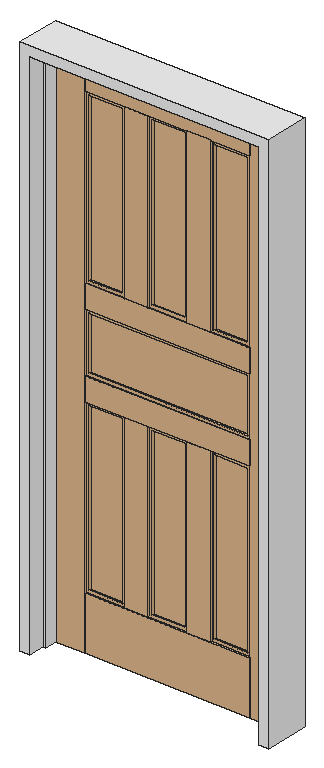
Revit family
Parameters (values of type "1 3/4" Flat Panel")
  URL = "http://www.karonadoor.com"
  Thickness Note = "Do not edit thickness."  # constant formula
  Thickness = 1.774"
  Swing Angle 2D = 90.00°
  SmartBIM Object Version = 1  # constant formula
  SmartBIM Object Created By = "Reed Construction Data"  # constant formula
  Rough Width = 0.000"
  Rough Height = 1.750"
  Panel = Panel_K3070_Karona : 1 3/4" - Flat Panel
  Model = "K3070 Mission"  # constant formula
  Manufacturer = "Karona , Inc."  # constant formula
  Detail Door Thickness = 1.750"
  Assembly Code = ""
  Top Rail Height = 5.000"
  Top Rail = Wood, Cherry - Grain Horizontal
  Stile Width = 5.063"
  Stile = Wood, Cherry - Grain Vertical
  Sticking = Wood, Cherry - Grain Vertical
  Middle Rail = Wood, Cherry - Grain Horizontal
  Height = 84.000"
  Wall Closure = (empty or 0)
  Width = 36.000"
  Frame = Metal
  Bottom Rail Height = 8.500"
  Bottom Rail = Wood, Cherry - Grain Horizontal
  95 CSI = "08210"  # constant formula
  04 CSI = "08 14 33"  # constant formula
Types (9): name | Thickness | Rough Height | Panel | Detail Door Thickness
  1 3/4" Flat Panel | 1.774" | 1.750" | Panel_K3070_Karona : 1 3/4" - Flat Panel | 1.750"
  1 3/8" Flat Panel | 1.334" | 0.000" | Panel_K3070_Karona : 1 3/8" - Flat Panel | 1.375"
  2 1/4" Flat Panel | 2.250" | 0.000" | Panel_K3070_Karona : 2 1/4" - Flat Panel | 2.250"
  1 3/4" Glass Panel | 1.774" | 1.750" | Panel_K3070_Karona : 1 3/4" - Glass Panel | 1.750"
  1 3/8" Glass Panel | 1.334" | 0.000" | Panel_K3070_Karona : 1 3/8" - Glass Panel | 1.375"
  2 1/4" Glass Panel | 2.250" | 0.000" | Panel_K3070_Karona : 2 1/4" - Glass | 2.250"
  1 3/4" Raised Panel | 1.774" | 1.750" | Panel_K3070_Karona : 1 3/4" - Raised Panel | 1.750"
  1 3/8" Raised Panel | 1.334" | 0.000" | Panel_K3070_Karona : 1 3/8" - Raised Panel | 1.375"
  2 1/4" Raised Panel | 2.250" | 0.000" | Panel_K3070_Karona : 2 1/4" - Raised Panel | 2.250"
Reference planes (in)
  plane 1 "Center (Front/Back)": y = 0
  plane 2 "Center (Left/Right)": x = 0
  plane 3 "Left": x = -18
  plane 4 "Right": x = 18
  plane 5 "Top": z = 84
  plane 6 "Exterior Edge of Frame": y = 3.5
  plane 7 "Interior Edge of Frame": y = -3.5
  plane 8: y = 1
  plane 9: y = -1
  plane 10 "Opening Left": x = -19.5
  plane 11 "Opening Right": x = 19.5
  plane 12 "Top of Opening": z = 85.5
  plane 13: x = -17.5
Forms (in)
  Sweep 1, solid, material "Metal" <- "Frame"
    path origin (0, 0, 0) x (1, 0, 0) y (0, 0, 1)
      loop
        line (-19.5, 0) -> (-19.5, 85.5) -> (19.5, 85.5) -> (19.5, 0)
    profile origin (-19.5, 0, 42.75) x (-1, 0, 0) y (0, -1, 0)
      loop
        line (0, -3.5) -> (0, 3.5) -> (-1.5, 3.5) -> (-1.5, 1) -> (-2, 1) -> (-2, -1) -> (-1.5, -1) -> (-1.5, -3.5) -> (0, -3.5)
Lines and regions (in)
  Opening 1
    outline origin (-90, -3, 0) x (1, 0, 0) y (0, 0, 1)
      loop
        line (70.5, 0) -> (109.5, 0) -> (109.5, 85.5) -> (70.5, 85.5) -> (70.5, 0)
  symbolic lines, style "Elevation Swing"
    curve 1: line (18, 3, 0) -> (-18, 3, 42)
    curve 2: line (-18, 3, 42) -> (18, 3, 84)
Text (in)
  text "Exterior" at (-46.13199, 20.20143, 0), in view "Ref. Level"
  text "Interior" at (-46.13199, -10.56751, 0), in view "Ref. Level"
  text "Exterior" at (0, 40.15149, 123.01588), in view "Right"
  text "Interior" at (0, -64.39139, 123.01588), in view "Right"
  text "Interior" at (0, -31.01599, 123.00693), in view "Left"
  text "Exterior" at (0, 54.57065, 123.00693), in view "Left"
Dimensions and locks (in)
  "Height": level to plane 5 "Top"
  "Width": plane 3 "Left" to plane 4 "Right"
  equal spacing: host wall, curve 2, plane 5 "Top"
  locked: host wall to plane 7 "Interior Edge of Frame" at 0.5
  locked: plane 6 "Exterior Edge of Frame" to host wall at 0.5
  locked: plane 9 to plane 7 "Interior Edge of Frame" at 2.5
  locked: plane 6 "Exterior Edge of Frame" to plane 8 at 2.5
  equal spacing: plane 3 "Left", plane 2 "Center (Left/Right)", plane 4 "Right"
  locked: plane 4 "Right" to plane 11 "Opening Right" at 1.5
  locked: plane 5 "Top" to plane 12 "Top of Opening" at 1.5
  locked: plane 3 "Left" to plane 13 at 0.5
  locked: plane 10 "Opening Left" to plane 3 "Left" at 1.5
  aligned and locked: Opening 1 sketch curve to level
  aligned and locked: plane 4 "Right" to curve 1
  aligned and locked: plane 3 "Left" to curve 1
  aligned and locked: plane 5 "Top" to curve 2
  aligned and locked: Opening 1 sketch curve to plane 11 "Opening Right"
  aligned and locked: plane 12 "Top of Opening" to Opening 1 sketch curve
  aligned and locked: Opening 1 sketch curve to plane 10 "Opening Left"
  aligned and locked: plane 10 "Opening Left" to Sweep 1 sketch curve
  aligned and locked: plane 12 "Top of Opening" to Sweep 1 sketch curve
  aligned and locked: plane 11 "Opening Right" to Sweep 1 sketch curve
  aligned and locked: level to Sweep 1 sketch curve  (x2)
  aligned and locked: Sweep 1 sketch curve to plane 10 "Opening Left"
  aligned and locked: Sweep 1 sketch curve to plane 6 "Exterior Edge of Frame"
  aligned and locked: Sweep 1 sketch curve to plane 7 "Interior Edge of Frame"
  aligned and locked: Sweep 1 sketch curve to plane 8
  aligned and locked: Sweep 1 sketch curve to plane 9
  aligned and locked: plane 13 to Sweep 1 sketch curve
  aligned and locked: plane 3 "Left" to Sweep 1 sketch curve  (x2)
  aligned and locked: nested 1 to plane 2 "Center (Left/Right)"
  aligned and locked: nested 1 to plane 8
  aligned and locked: nested 2 to plane 3 "Left"
  aligned and locked: nested 2 to plane 8
Automatic sketch dimensions
  curve 1 to level = 0.000"
  curve 2 to plane 4 "Right" = 0.000"
Nested families (in)
  nested 1: "Panel_K3070_Karona" at (-13.5, 0.6575, 3.25) x (-1, 0, 0) z (0, 0, 1), type <- "Panel", type "1 3/4" - Flat Panel"
    with Bottom Rail Height 8.500", Bottom Panel Height 26.875"
  nested 2: "Door Panel Plan View" at (-31.5, 1, 0) x (-1, 0, 0) z (0, 0, 1), type "Door Panel Plan View"
    with Thickness 1.750", Height 84.000"
Definition of nested family "Panel_K3070_Karona"
  Parameters (values of type "2 1/4" - Raised Panel")
    Width = 36.000"
    Top Rail Material = Wood, Cherry - Grain Horizontal
    Top Rail Height = 5.000"
    Top Panel Offset = Top Rail Height + Half Panel Height  # 18.500"
    Thickness Note = "Do not change door thickness"  # constant formula
    Thickness = 2.250"
    Stile Width = 5.063"
    Stile Material = Wood, Cherry - Grain Vertical
    Sticking Material = Wood, Cherry - Grain Vertical
    Rough Height = 29.875"
    Panel Width = (Width - (2 * Stile Width) - (2 * Mullion Width)) / 3  # 6.208"
    Panel Height = Height - (Top Rail Height + Lock Rail Height + Middle Panel Height + Mullion Width)  # 27.000"
    Panel = Glass-Sticking-Assembly-Mission_Karona : Raised Panel
    Mullion Width = 3.625"  # constant formula
    Middle Panel Width = Width - 2 * Stile Width  # 25.874"
    Middle Panel Height = 9.375"  # constant formula
    Lock Rail Height = 39.000"
    Interior Panel = Wood, Cherry - Grain Vertical
    Height = 84.000"
    Half Panel Width = 0.5 * Panel Width  # 3.104"
    Half Panel Height = 0.5 * Panel Height  # 13.500"
    Exterior Edge - Glass Bottom Offset = if(Thickness = 1.774", 0.567", if(Thickness = 2.250", 0.803", 0.469"))  # 0.803"
    Door Panel Material = Wood, Cherry - Grain Vertical
    Default Elevation = 0.000"  # constant formula
    Cross Rail and Panel Spacing Start = Half Panel Height + 0.5 * (3.625")  # 15.3125"
    Cross Rail Panel Height = Panel Height + 3.625"  # 30.625"
    Bottom Rail Material = Wood, Cherry - Grain Horizontal
    Bottom Rail Height = 8.500"
    Bottom Panel Height = Lock Rail Height - (Bottom Rail Height + Mullion Width)  # 26.875"
    Assembly Code = ""
  Types (9): name | Thickness | Panel | Interior Panel | Exterior Edge - Glass Bottom Offset | Bottom Rail Height | Bottom Panel Height
    2 1/4" - Flat Panel | 2.250" | Glass-Sticking-Assembly-Mission_Karona : Flat Panel | Wood, Cherry - Grain Vertical | 0.803" | 12.000" | 23.375"
    2 1/4" - Glass | 2.250" | Glass-Sticking-Assembly-Mission_Karona : Glass Panel | Glass | 0.803" | 12.000" | 23.375"
    2 1/4" - Raised Panel | 2.250" | Glass-Sticking-Assembly-Mission_Karona : Raised Panel | Wood, Cherry - Grain Vertical | 0.803" | 8.500" | 26.875"
    1 3/4" - Raised Panel | 1.774" | Glass-Sticking-Assembly-Mission_Karona : Raised Panel | Wood, Cherry - Grain Vertical | 0.567" | 12.000" | 23.375"
    1 3/4" - Flat Panel | 1.774" | Glass-Sticking-Assembly-Mission_Karona : Flat Panel | Wood, Cherry - Grain Vertical | 0.567" | 12.000" | 23.375"
    1 3/4" - Glass Panel | 1.774" | Glass-Sticking-Assembly-Mission_Karona : Glass Panel | Glass | 0.567" | 12.000" | 23.375"
    1 3/8" - Raised Panel | 1.334" | Glass-Sticking-Assembly-Mission_Karona : Raised Panel | Wood, Cherry - Grain Vertical | 0.469" | 12.000" | 23.375"
    1 3/8" - Glass Panel | 1.334" | Glass-Sticking-Assembly-Mission_Karona : Glass Panel | Glass | 0.469" | 12.000" | 23.375"
    1 3/8" - Flat Panel | 1.334" | Glass-Sticking-Assembly-Mission_Karona : Flat Panel | Wood, Cherry - Grain Horizontal | 0.469" | 12.000" | 23.375"
  Reference planes (in)
    plane 1 "Center (Front/Back)": y = 1.2315
    plane 2: z = -3.25
    plane 3 "Center (Left/Right)": x = -13.5
    plane 4 "Left": x = -31.5
    plane 5: x = 4.5
    plane 6 "Inner Left": x = -26.437
    plane 7 "Inner Right": x = -0.563
    plane 8: z = 5.25
    plane 9 "Bottom Of Top Rail": z = 75.75
    plane 10 "Top": z = 80.75
    plane 11 "Interior Edge of Door": y = 2.3565
    plane 12: z = 75.75
    plane 13 "Exterior Edge of Door": y = 0.1065
    plane 14 "Bottom of Glass": y = 0.9095
    plane 15 "Left Panel Vertical Midline": x = -23.333
    plane 16 "Right Panel Vertical Midline": x = -3.667
    plane 17 "Center of Left Vertical Mullion": x = -18.4165
    plane 18 "Center of Right Vertical Mullion": x = -8.5835
    plane 19: z = 48.75
    plane 20: z = 32.125
    plane 21: z = 45.125
    plane 22: z = 62.25
    plane 23: z = 18.6875
    plane 24: z = 35.75
    plane 25: z = 36.9375
  Forms (in)
    Extrusion 1, solid, material "Wood, Cherry - Grain Horizontal" <- "Bottom Rail Material"
      sketch origin (0, -101.3125, 0) x (1, 0, 0) y (0, 0, 1)
        loop
          line (-26.437, -3.25) -> (-0.563, -3.25) -> (-0.563, 5.25) -> (-26.437, 5.25) -> (-26.437, -3.25)
      from -103.669 to -101.419
    Extrusion 2, solid, material "Wood, Cherry - Grain Vertical" <- "Stile Material"
      sketch origin (0, 1.2315, 0) x (1, 0, 0) y (0, 0, 1)
        loop
          line (-31.5, 80.75) -> (-31.5, -3.25) -> (-26.437, -3.25) -> (-26.437, 80.75) -> (-31.5, 80.75)
        loop
          line (-0.563, -3.25) -> (4.5, -3.25) -> (4.5, 80.75) -> (-0.563, 80.75) -> (-0.563, -3.25)
      from -1.125 to 1.125
    Extrusion 3, solid, material "Wood, Cherry - Grain Horizontal" <- "Top Rail Material"
      sketch origin (0, 1.2315, 0) x (1, 0, 0) y (0, 0, 1)
        loop
          line (-26.437, 80.75) -> (-26.437, 75.75) -> (-0.563, 75.75) -> (-0.563, 80.75) -> (-26.437, 80.75)
      from -1.125 to 1.125
    Extrusion 4, solid, material "Wood, Cherry - Grain Vertical" <- "Stile Material"
      sketch origin (0, 1.2315, 0) x (1, 0, 0) y (0, 0, 1)
        loop
          line (-20.229, 5.25) -> (-16.604, 5.25) -> (-16.604, 32.125) -> (-20.229, 32.125) -> (-20.229, 5.25)
        loop
          line (-20.229, 75.75) -> (-20.229, 48.75) -> (-16.604, 48.75) -> (-16.604, 75.75) -> (-20.229, 75.75)
        loop
          line (-10.396, 5.25) -> (-6.771, 5.25) -> (-6.771, 32.125) -> (-10.396, 32.125) -> (-10.396, 5.25)
        loop
          line (-10.396, 75.75) -> (-10.396, 48.75) -> (-6.771, 48.75) -> (-6.771, 75.75) -> (-10.396, 75.75)
      from -1.125 to 1.125
    Extrusion 5, solid, material "Wood, Cherry - Grain Horizontal" <- "Top Rail Material"
      sketch origin (0, 1.2315, 0) x (1, 0, 0) y (0, 0, 1)
        loop
          line (-0.563, 32.124) -> (-0.563, 35.75) -> (-26.437, 35.75) -> (-26.437, 32.124) -> (-0.563, 32.124)
        loop
          line (-0.563, 45.125) -> (-0.563, 48.751) -> (-26.437, 48.751) -> (-26.437, 45.125) -> (-0.563, 45.125)
      from -1.125 to 1.125
  Text (in)
    text "EXTERIOR" at (-34.59289, -1.27941, 0), in view "Ref. Level"
    text "EXTERIOR" at (0, -9.65287, 72.76687), in view "Left"
    text "EXTERIOR" at (0, -33.33473, 96.68074), in view "Right"
  Dimensions and locks (in)
    equal spacing: plane 4 "Left", plane 3 "Center (Left/Right)", plane 5
    "Width": plane 4 "Left" to plane 5
    "Stile Width": plane 4 "Left" to plane 6 "Inner Left"
    "Stile Width": plane 5 to plane 7 "Inner Right"
    "Bottom Rail Height": plane 8 to plane 2
    "Top Rail Height": plane 10 "Top" to plane 9 "Bottom Of Top Rail"
    "Height": plane 10 "Top" to plane 2
    equal spacing: plane 11 "Interior Edge of Door", plane 1 "Center (Front/Back)", plane 13 "Exterior Edge of Door"
    "Thickness": plane 11 "Interior Edge of Door" to plane 13 "Exterior Edge of Door"
    "Exterior Edge - Glass Bottom Offset": plane 14 "Bottom of Glass" to plane 13 "Exterior Edge of Door"
    "Exterior Edge - Glass Bottom Offset": plane 13 "Exterior Edge of Door" to plane 14 "Bottom of Glass"
    "Half Panel Width": plane 15 "Left Panel Vertical Midline" to plane 6 "Inner Left"
    "Half Panel Width": plane 7 "Inner Right" to plane 16 "Right Panel Vertical Midline"
    equal spacing: plane 3 "Center (Left/Right)", plane 17 "Center of Left Vertical Mullion", plane 15 "Left Panel Vertical Midline"
    locked: Extrusion 4 sketch curve to plane 17 "Center of Left Vertical Mullion" at 1.8125
    equal spacing: plane 16 "Right Panel Vertical Midline", plane 18 "Center of Right Vertical Mullion", plane 3 "Center (Left/Right)"
    locked: Extrusion 4 sketch curve to plane 18 "Center of Right Vertical Mullion" at 1.8125
    Extrusion 5 sketch curve to Extrusion 5 sketch curve = 3.626"  (x2)
    locked: Extrusion 5 sketch curve to Extrusion 5 sketch curve at 3.626  (x2)
    equal spacing: plane 20, plane 23, plane 8
    equal spacing: plane 12, plane 22, plane 19
    "Mullion Width": plane 24 to plane 20
    "Mullion Width": plane 19 to plane 21
    "Panel Height": plane 12 to plane 19
    plane 19 to level = 52.000"
    "Lock Rail Height": plane 24 to level
    aligned and locked: Extrusion 1 to plane 2
    aligned and locked: plane 11 "Interior Edge of Door" to Extrusion 1
    aligned and locked: plane 4 "Left" to Extrusion 2 sketch curve
    aligned and locked: Extrusion 2 sketch curve to plane 10 "Top"
    aligned and locked: Extrusion 2 sketch curve to Extrusion 1  (x3)
    aligned and locked: Extrusion 1 to Extrusion 2 sketch curve
    aligned and locked: plane 10 "Top" to Extrusion 2 sketch curve
    aligned and locked: plane 5 to Extrusion 2 sketch curve
    aligned and locked: plane 11 "Interior Edge of Door" to Extrusion 2
    aligned and locked: Extrusion 2 to Extrusion 3 sketch curve
    aligned and locked: Extrusion 3 sketch curve to Extrusion 2
    aligned and locked: plane 11 "Interior Edge of Door" to Extrusion 3
    aligned and locked: plane 12 to plane 9 "Bottom Of Top Rail"
    aligned and locked: Extrusion 3 to plane 13 "Exterior Edge of Door"
    aligned and locked: Extrusion 3 to plane 11 "Interior Edge of Door"
    aligned and locked: Extrusion 2 to plane 13 "Exterior Edge of Door"
    aligned and locked: Extrusion 3 to plane 12
    aligned and locked: Extrusion 1 to Extrusion 2
    aligned and locked: nested 1 to plane 1 "Center (Front/Back)"
    aligned and locked: Extrusion 4 sketch curve to plane 12  (x2)
    aligned and locked: Extrusion 4 sketch curve to plane 8  (x2)
    aligned and locked: plane 11 "Interior Edge of Door" to Extrusion 4
    aligned and locked: Extrusion 4 to plane 13 "Exterior Edge of Door"
    aligned and locked: plane 11 "Interior Edge of Door" to Extrusion 5
    aligned and locked: Extrusion 5 to plane 13 "Exterior Edge of Door"
    aligned and locked: plane 15 "Left Panel Vertical Midline" to nested 1
    aligned and locked: nested 2 to plane 8
    aligned and locked: nested 2 to plane 15 "Left Panel Vertical Midline"
    aligned and locked: plane 3 "Center (Left/Right)" to nested 3
    aligned and locked: plane 16 "Right Panel Vertical Midline" to nested 4
    aligned and locked: nested 5 to plane 8
    aligned and locked: plane 3 "Center (Left/Right)" to nested 5
    aligned and locked: nested 6 to plane 8
    aligned and locked: nested 6 to plane 16 "Right Panel Vertical Midline"
    aligned and locked: plane 22 to nested 1
    aligned and locked: plane 22 to nested 3
    aligned and locked: plane 22 to nested 4
    aligned and locked: Extrusion 4 sketch curve to plane 19
    aligned and locked: plane 19 to Extrusion 4 sketch curve
    aligned and locked: Extrusion 4 sketch curve to plane 20  (x2)
    aligned and locked: plane 21 to Extrusion 5
    aligned and locked: plane 3 "Center (Left/Right)" to nested 7
    aligned and locked: Extrusion 5 sketch curve to plane 24
    aligned and locked: level to plane 2
    aligned and locked: nested 7 to plane 24
  Automatic sketch dimensions
    Extrusion 1 sketch curve to plane 6 "Inner Left" = 0.000"
    Extrusion 1 sketch curve to plane 7 "Inner Right" = 0.000"
    Extrusion 1 sketch curve to level = 0.000"
    Extrusion 1 sketch curve to plane 8 = 0.000"
    Extrusion 3 sketch curve to plane 7 "Inner Right" = 0.000"
    plane 9 "Bottom Of Top Rail" to Extrusion 3 sketch curve = 0.000"
    Extrusion 5 sketch curve to plane 6 "Inner Left" = 0.000"  (x2)
    Extrusion 5 sketch curve to plane 7 "Inner Right" = 0.000"  (x2)
    Extrusion 5 sketch curve to Extrusion 5 sketch curve = 9.375"
    Extrusion 4 sketch curve to plane 17 "Center of Left Vertical Mullion" = 1.8125"  (x2)
    plane 17 "Center of Left Vertical Mullion" to Extrusion 4 sketch curve = 1.8125"
    Extrusion 4 sketch curve to plane 18 "Center of Right Vertical Mullion" = 1.8125"  (x2)
    plane 18 "Center of Right Vertical Mullion" to Extrusion 4 sketch curve = 1.8125"
  Nested families (in)
    nested 1: "Glass-Sticking-Assembly-Mission_Karona" at (-23.80175, 1.38, 48.75), Width <- "Panel Width", Height <- "Panel Height", type <- "Panel", type "Raised Panel"
      with Width 6.208", Height 27.000"
    nested 2: "Glass-Sticking-Assembly-Mission_Karona" at (-23.80175, 1.38, 5.25), Width <- "Panel Width", Height <- "Bottom Panel Height", type <- "Panel", type "Raised Panel"
      with Width 6.208", Height 26.875"
    nested 3: "Glass-Sticking-Assembly-Mission_Karona" at (-13.96875, 1.38, 48.75), Width <- "Panel Width", Height <- "Panel Height", type <- "Panel", type "Raised Panel"
      with Width 6.208", Height 27.000"
    nested 4: "Glass-Sticking-Assembly-Mission_Karona" at (-4.13575, 1.38, 48.75), Width <- "Panel Width", Height <- "Panel Height", type <- "Panel", type "Raised Panel"
      with Width 6.208", Height 27.000"
    nested 5: "Glass-Sticking-Assembly-Mission_Karona" at (-13.96875, 1.38, 5.25), Width <- "Panel Width", Height <- "Bottom Panel Height", type <- "Panel", type "Raised Panel"
      with Width 6.208", Height 26.875"
    nested 6: "Glass-Sticking-Assembly-Mission_Karona" at (-4.13575, 1.38, 5.25), Width <- "Panel Width", Height <- "Bottom Panel Height", type <- "Panel", type "Raised Panel"
      with Width 6.208", Height 26.875"
    nested 7: "Glass-Sticking-Assembly-Mission_Karona" at (-13.96875, 1.38, 35.75), Width <- "Middle Panel Width", Height <- "Middle Panel Height", type <- "Panel", type "Raised Panel"
      with Width 25.874", Height 9.375"
  Definition of nested family "Glass-Sticking-Assembly-Mission_Karona"
    Parameters (values of type "Glass Panel")
      Width [instance] = 19.000"
      Stop Adjustment = if(and(not(Glass Panel), Door Thickness = 1.774"), 0.513", if(and(not(Glass Panel), Door Thickness = 2.250"), 0.513", if((Glass Panel), 0.125", 0.273")))  # 0.125"
      Profile = Wood, Cherry - Grain Vertical
      Height [instance] = 23.000"
      Raised Panel = no
      Interior Panel = Wood, Cherry - Grain Vertical
      Glass Panel = yes
      Door Thickness = 2.250"
      C = if(Door Thickness = 1.774", 0.200", if(Door Thickness = 2.250", 0.439", 0.191"))  # 0.439"
      B = if(Door Thickness = 1.774", 0.567", if(Door Thickness = 2.250", 0.803", 0.469"))  # 0.803"
      Assembly Code = ""
      A = if(Door Thickness = 1.774", 0.197", if(Door Thickness = 2.250", 0.433", 0.194"))  # 0.433"
    Types (3): name | Width | Stop Adjustment | Height | Raised Panel | Glass Panel | Door Thickness | C | B | A
      Glass Panel | 19.000" | 0.125" | 23.000" | no | yes | 2.250" | 0.439" | 0.803" | 0.433"
      Flat Panel | 4.500" | 0.273" | 23.000" | no | no | 1.334" | 0.191" | 0.469" | 0.194"
      Raised Panel | 4.000" | 0.513" | 4.000" | yes | no | 2.250" | 0.439" | 0.803" | 0.433"
    Reference planes (in)
      plane 1 "Stop Adjustment Edge": y = -0.3455
      plane 2: z = 0
      plane 3 "Center (Left/Right)": x = 0.46875
      plane 4 "Back": y = 0.9765
      plane 5 "Front": y = -1.2735
      plane 6 "Left": x = -9.03125
      plane 7 "Right": x = 9.96875
      plane 8 "Top": z = 23
      plane 9 "Center (Up/Down)": z = 11.5
      plane 10 "Bottom of Stop": y = -0.2205
      plane 11 "Bottom of Glass": y = -0.4705
      plane 12 "Right Edge of Glass": x = 9.91875
      plane 13 "Left Edge of Glass": x = -8.98125
      plane 14 "Top Edge of Glass": z = 22.90625
      plane 15 "Bottom Edge of Glass": z = 0.09375
      plane 16: x = 9.84375
      plane 17: x = 9.40625
      plane 18 "A": y = -0.8405
      plane 19 "C": y = 0.5375
      plane 20: z = 0.438
      plane 21: z = 22.562
      plane 22: x = -8.59325
      plane 23: x = 9.53075
      plane 24 "Center (Front/Back)": y = -0.1485
    Forms (in)
      Sweep 1, solid, material "Wood, Cherry - Grain Vertical" <- "Profile"
        path origin (0, -0.3455, 0) x (1, 0, 0) y (0, 0, 1)
          loop
            line (9.96875, 23) -> (-9.03125, 23) -> (-9.03125, 0) -> (9.96875, 0) -> (9.96875, 23)
        profile origin (9.96875, -0.3455, 11.5) x (0, -1, 0) y (1, 0, 0)
          loop
            line (-0.883, 0) -> (-0.883, -0.438) -> (-0.125, -0.438) -> (-0.125, -0.05) -> (0.125, -0.05) -> (0.125, -0.438) -> (0.495, -0.438) -> (0.495, 0) -> (-0.883, 0)
      Extrusion 2, solid, material "Wood, Cherry - Grain Vertical" <- "Interior Panel"
        sketch origin (0, 0, 0) x (1, 0, 0) y (0, 1, 0)
          loop
            line (-8.98125, -0.2205) -> (-8.98125, -0.4705) -> (9.91875, -0.4705) -> (9.91875, -0.2205) -> (-8.98125, -0.2205)
        from 0.09375 to 22.90625
      Extrusion 3, solid, material "Wood, Cherry - Grain Vertical" <- "Profile", visible <- "Raised Panel"
        sketch origin (0, 0, 0) x (1, 0, 0) y (0, 1, 0)
          loop
            line (9.53075, 0.5375) -> (-8.59325, 0.5375) -> (-8.59325, -0.2205) -> (9.53075, -0.2205) -> (9.53075, 0.5375)
          loop
            line (-8.59325, -0.4705) -> (-8.59325, -0.8405) -> (9.53075, -0.8405) -> (9.53075, -0.4705) -> (-8.59325, -0.4705)
        from 0.438 to 22.562
      Sweep 4, void
        path origin (0, -0.2205, 0) x (-1, 0, 0) y (0, 0, 1)
          loop
            line (9.03125, 0) -> (9.03125, 23) -> (-9.96875, 23) -> (-9.96875, 0) -> (9.03125, 0)
        profile "Profile : 05" origin (-9.03125, -0.2205, 11.5) x (1, 0, 0) y (0, 1, 0)
          loop
            line (0, 0.05) -> (0.36169, 0.05096)
            arc (0.36169, 0.05096) -> (1.01257, 0.13642) -> (1.61934, 0.387) r 2.52143
            line (1.61934, 0.387) -> (0, 0.387) -> (0, 0.05)
      Sweep 5, void
        path origin (0, -0.4705, 0) x (-1, 0, 0) y (0, 0, 1)
          loop
            line (-9.96875, 23) -> (-9.96875, 0) -> (9.03125, 0) -> (9.03125, 23) -> (-9.96875, 23)
        profile "Profile : 05" origin (9.96875, -0.4705, 11.5) x (-1, 0, 0) y (0, 1, 0)
          loop
            line (0, -0.05) -> (0, -0.387) -> (1.61934, -0.387)
            arc (1.61934, -0.387) -> (1.01257, -0.13642) -> (0.36169, -0.05096) r 2.52143
            line (0.36169, -0.05096) -> (0, -0.05)
    Cuts and joins
      Sweep 4, Sweep 5 cuts Extrusion 3
    Text (in)
      text "INTERIOR" at (-14.3788, 3.49864, 0), in view "Ref. Level"
    Dimensions and locks (in)
      equal spacing: plane 6 "Left", plane 3 "Center (Left/Right)", plane 7 "Right"
      "Width": plane 6 "Left" to plane 7 "Right"
      "Door Thickness": plane 4 "Back" to plane 5 "Front"
      "Height": plane 8 "Top" to plane 2
      equal spacing: plane 8 "Top", plane 9 "Center (Up/Down)", level
      locked: plane 1 "Stop Adjustment Edge" to plane 11 "Bottom of Glass" at 0.125
      "Stop Adjustment": plane 10 "Bottom of Stop" to plane 1 "Stop Adjustment Edge"
      locked: plane 12 "Right Edge of Glass" to plane 7 "Right" at 0.05
      locked: plane 8 "Top" to plane 14 "Top Edge of Glass" at 0.09375
      locked: plane 15 "Bottom Edge of Glass" to level at 0.09375
      locked: plane 6 "Left" to plane 13 "Left Edge of Glass" at 0.05
      "B": plane 5 "Front" to plane 11 "Bottom of Glass"
      locked: plane 16 to plane 7 "Right" at 0.125
      "A": plane 5 "Front" to plane 18 "A"
      "C": plane 19 "C" to plane 4 "Back"
      plane 4 "Back" to Sweep 1 = 1.197"
      locked: plane 20 to level at 0.438
      locked: plane 8 "Top" to plane 21 at 0.438
      locked: plane 6 "Left" to plane 22 at 0.438
      locked: plane 23 to plane 7 "Right" at 0.438
      equal spacing: plane 4 "Back", plane 24 "Center (Front/Back)", plane 5 "Front"
      aligned and locked: Sweep 1 sketch curve to plane 7 "Right"
      aligned and locked: Sweep 1 sketch curve to plane 8 "Top"
      aligned and locked: Sweep 1 sketch curve to plane 6 "Left"
      aligned and locked: Sweep 1 sketch curve to level
      aligned and locked: plane 7 "Right" to Sweep 1 sketch curve
      aligned and locked: plane 10 "Bottom of Stop" to Sweep 1 sketch curve
      aligned and locked: plane 11 "Bottom of Glass" to Sweep 1 sketch curve
      aligned and locked: plane 18 "A" to Sweep 1 sketch curve
      aligned and locked: Sweep 1 sketch curve to plane 19 "C"
      aligned and locked: Extrusion 2 sketch curve to plane 13 "Left Edge of Glass"
      aligned and locked: Extrusion 2 sketch curve to plane 10 "Bottom of Stop"
      aligned and locked: Extrusion 2 sketch curve to plane 11 "Bottom of Glass"
      aligned and locked: Extrusion 2 sketch curve to plane 12 "Right Edge of Glass"
      aligned and locked: plane 14 "Top Edge of Glass" to Extrusion 2
      aligned and locked: Extrusion 2 to plane 15 "Bottom Edge of Glass"
      aligned and locked: Extrusion 3 sketch curve to plane 19 "C"
      aligned and locked: Extrusion 3 sketch curve to plane 10 "Bottom of Stop"
      aligned and locked: Extrusion 3 sketch curve to plane 11 "Bottom of Glass"
      aligned and locked: Extrusion 3 sketch curve to plane 18 "A"
      aligned and locked: Extrusion 3 to plane 20
      aligned and locked: Extrusion 3 to plane 21
      aligned and locked: plane 12 "Right Edge of Glass" to Sweep 1 sketch curve
      aligned and locked: plane 23 to Extrusion 3 sketch curve  (x2)
      aligned and locked: Extrusion 3 sketch curve to plane 22  (x2)
      aligned and locked: plane 23 to Sweep 1 sketch curve  (x2)
      aligned and locked: Sweep 5 sketch curve to plane 6 "Left"
      aligned and locked: plane 8 "Top" to Sweep 5 sketch curve
      aligned and locked: Sweep 5 sketch curve to plane 7 "Right"
      aligned and locked: level to Sweep 5 sketch curve
      aligned and locked: Sweep 4 sketch curve to plane 7 "Right"
      aligned and locked: plane 8 "Top" to Sweep 4 sketch curve
      aligned and locked: Sweep 4 sketch curve to plane 6 "Left"
      aligned and locked: level to Sweep 4 sketch curve
Definition of nested family "Door Panel Plan View"
  Parameters (values of type "Door Panel Plan View")
    Width = 36.000"
    Thickness = 2.000"
    Swing Angle 2D = 90.00°
    Height = 0.000"
    Assembly Code = ""
  Reference planes (in)
    plane 1 "Center (Front/Back)": y = 0
    plane 2: z = 0
    plane 3 "Center (Left/Right)": x = -13.5
  Lines and regions (in)
    symbolic lines, style "DoorsPanelProjection"
      curve 1: line (-13.5, 0, 0) -> (-13.5, 36, 0)
      curve 2: line (-15.5, 0, 0) -> (-15.5, 36, 0)
      curve 3: line (-13.5, 0, 0) -> (-15.5, 0, 0)
      curve 4: line (-13.5, 36, 0) -> (-15.5, 36, 0)
    symbolic lines, style "Plan Swing"
      curve 5: arc (-13.5, 36, 0) -> (-38.95584, 25.45584, 0) -> (-49.5, 0, 0) r 36
  Dimensions and locks (in)
    "Width": curve 4 to curve 3
    "Thickness": curve 1 to curve 2
    "Swing Angle 2D": angle curve 1 to plane 1 "Center (Front/Back)"
    aligned and locked: plane 1 "Center (Front/Back)" to curve 5
  Automatic sketch dimensions
    curve 3 to plane 1 "Center (Front/Back)" = 0.000"
    curve 5 to plane 3 "Center (Left/Right)" = 0.000"
    curve 3 to plane 3 "Center (Left/Right)" = 0.000"
